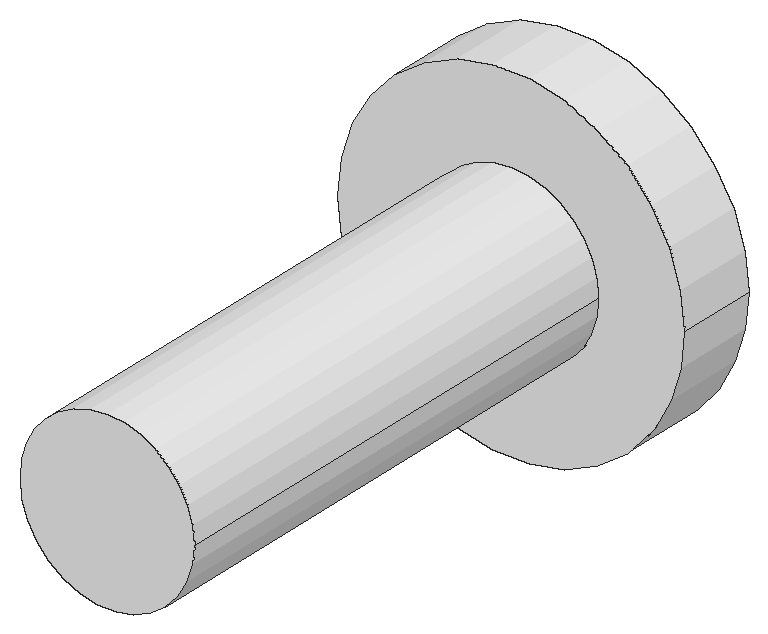
Revit family "FB-110-32", category Plumbing Fixtures, Revit 2014
Parameters (values of type "FB-110-32")
  URL = "http://www.helvex.com.mx/contenido.php?producto=325"
  Type Comments = "Flushvalves"
  Power Consumption = 2 W
  Note = "Feeding Pipe Must Be 1 ¼\" and Connect a 1 ¼\" - 1\" Reductor to Stop Valve"
  Model = "FB-110-32"
  Min. Working Pressure = 14.22 psi
  Max. Working Pressure = 85.34 psi
  Manufacturer = "Helvex"
  Flow = "1.3 - 1.6 Gallons Per Flush"
  Feeding Voltage = 6 V
  Features = "Operates With a 6 V Lithium Battery; Button With Antibacterial Coating"
  Documentation = "http://www.helvex.com.mx/productos/fichas/FB-110-32.pdf"
  Detection Range = "0 - 15.74\""
  Description = "1 ¼\" Battery Operated Electronic WC Flushvalve With Button"
  Connection = "1\" Spud"
  Compliance = "NOM-005-CONAGUA-1996"
  Chrome = Brass Chromed
  Certification = "http://www.helvex.com.mx/productos/vistas/FB-110-32.pdf"
  CW Connection = yes
Reference planes (in)
  plane 1 "Center (Front/Back)": y = 0
  plane 2: z = 0
  plane 3 "Center (Left/Right)": x = 0
  plane 4: z = 17
  plane 5: y = -6.3
Forms (in)
  Extrusion 1, solid, material "Brass Chromed" <- "Chrome"
    sketch origin (0, 0, 0) x (1, 0, 0) y (0, 0, 1)
      loop
        circle (-5.28146, 26.67134) r 0.69
    from 0 to 4.6315
  Extrusion 2, solid, material "Brass Chromed" <- "Chrome"
    sketch origin (0, 0, 0) x (1, 0, 0) y (0, 0, 1)
      loop
        circle (-5.28146, 26.67134) r 1.375
    from 0 to 0.63
Dimensions and locks (in)
  locked: plane 2 to plane 4 at 17
  locked: plane 5 to plane 1 "Center (Front/Back)" at 6.3
  aligned and locked: level to plane 2
Connectors (in)
  piping at (-5.28146, 0, 26.67134), diameter 1, driven by "CW Connection"
    settings: on Extrusion 1, index 1, connector inside diameter 24", connector length 0", flow factor 0, pipe flow 0.0 GPM, pressure drop 0.0 psi, fitting loss kfactor 0, connector angle 0.00°, fixture units 0, engagement length 0", angle of deflection 0.00°, flow configuration 2, flow direction 1, fitting loss method 0, system type 16, joint type 0, gender type 0, connector reference index -1, connector utility 1, adjustable connector no, is connector primary yes, connector description ""
  piping at (0, -6.3, 16.99334), diameter 1.25, driven by "CW Connection"
    settings: on import instance, index 2, connector inside diameter 24", connector length 0", flow factor 0, pipe flow 0.0 GPM, pressure drop 0.0 psi, fitting loss kfactor 0, connector angle 0.00°, fixture units 0, engagement length 0", angle of deflection 0.00°, flow configuration 2, flow direction 2, fitting loss method 0, system type 16, joint type 0, gender type 0, connector reference index -1, connector utility 1, adjustable connector no, is connector primary no, connector description ""
